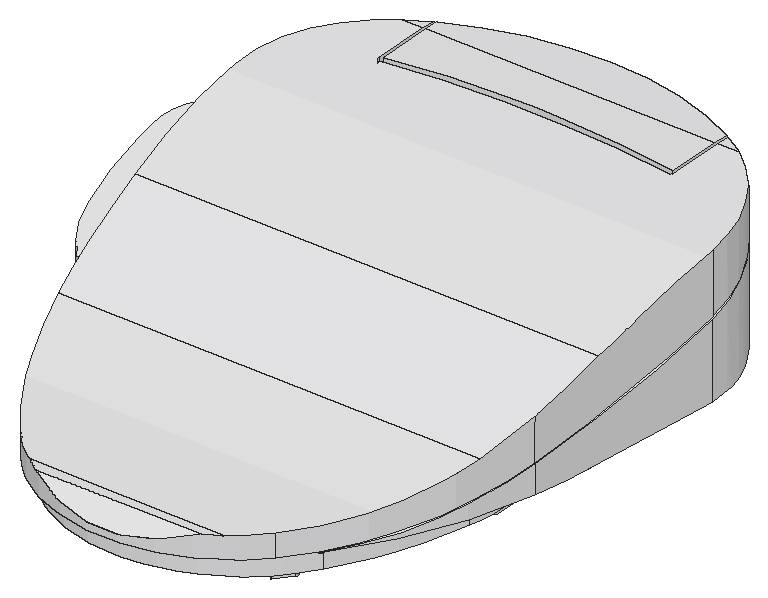
Revit family "Bidet_Seat-Elongated_Closed_Front-KOHLER-C3-150-K-8297T", category Specialty Equipment, host Face, Revit 2017
Family settings
  Host = Face
  Round Connector Dimension = Use Diameter
  Part Type = Normal
  OmniClass Number = 23.31.25.00
  OmniClass Title = Toilet and Bath Specialties
  Cut with Voids When Loaded = No
  Shared = No
  Room Calculation Point = No
Parameters (values of type "0-White")
  Width = 17 163/256"  # constant formula
  WaterSense Certified = 1 = 0  # no
  Voltage = 220 V  # constant formula
  URL = "http://www.kohler.com.cn/"
  Type = 1
  Product Page URL = "https://www.kohler.com.cn/product/K-8297T-0/K-8297T-0/"
  Product Name = "C3-150"  # constant formula
  Product Documentation Link = "https://files.kohler.com.cn/pdfs/1522222665445_8297T18649T_cct.pdf"
  Model = "K-8297T-0"  # constant formula
  Material = "Plastic"  # constant formula
  Master Format 2014 Name = "Toilet, Bath, and Laundry Accessories"  # constant formula
  Master Format 2014 = "10 28 00"  # constant formula
  Manufacturer Address = "Kohler Beijing Office (100016)\n36-2-03-B, No. 88, Liuxiang Road, Beijing"  # constant formula
  Manufacturer = "KOHLER Co."  # constant formula
  Length = 20 171/256"  # constant formula
  Height = 5 191/256"  # constant formula
  Finish = Kohler-Plastic-0-White
  Environmental Product Declaration = ""
  Electrical Note = "one dedicated circuit required"  # constant formula
  Electrical Connector = 1 = 1  # yes
  Description = "Qingshubao Smart Toilet Cover\r\n"  # constant formula
  Default Elevation = 0"
  Declare Label = ""
  Date Modified = "12/30/2020"  # constant formula
  Date Created = "12/30/2020"  # constant formula
  Copyright = "Copyright KOHLER Co."  # constant formula
  Contact Us = "http://www.kohler.com.cn/contact/contact-us/"
  Assembly Code = "C1030200"
  Apparent Load = 2200 VA  # constant formula
  ADA Compliant = 1 = 0  # no
Reference planes (in)
  plane 1 "Center (Front/Back)": y = 0
  plane 2: z = 0
  plane 3 "Center (Left/Right)": x = 0
  plane 4: x = -9.88135
  plane 5: x = 7.75537
  plane 6: x = -7.75537
  plane 7: y = 10.33398
  plane 8: y = -10.33398
  plane 9: z = 5.74609
  plane 10: z = 0.62992
  plane 11: z = 1.69291
  plane 12: z = 0.27559
  plane 13: y = -1.55578
Dimensions and locks (in)
  "Width": plane 4 to plane 5
  "Length": plane 8 to plane 7
  equal spacing: plane 8, plane 1 "Center (Front/Back)", plane 7
  equal spacing: plane 6, plane 3 "Center (Left/Right)", plane 5
  locked: plane 4 to plane 6 at 2.12598
  plane 6 to plane 5 = 15.51073"
  locked: level to plane 11 at 1.69291
  locked: plane 12 to level at 0.27559
  locked: plane 10 to level at 0.62992
  "Height": level to plane 9
  locked: plane 13 to plane 7 at 11.88976
  aligned and locked: plane 2 to host face
  aligned and locked: level to host face
  aligned and locked: plane 3 "Center (Left/Right)" to nested 1
  aligned and locked: plane 1 "Center (Front/Back)" to nested 1
Automatic sketch dimensions
  host sketch curve to host sketch curve = 96"  (x2)
Nested families (in)
  nested 1: "K-8297T" at (0, 0, 0), type "K-8297T"
Connectors (in)
  electrical at (-7.93562, 1.95609, 1.95144), driven by "Electrical Connector", driven by "Voltage", driven by "Apparent Load", driven by "Electrical Connector", driven by "Electrical Note"
    settings: on nested 1, index 1, voltage 220 V, apparent load 2200 VA, apparent load phase1 0 VA, apparent load phase2 0 VA, apparent load phase3 0 VA, power factor 1, load classification "Other", number of poles 1, system type 30, power factor state 1, is connector primary yes, connector utility yes, sub classification motor yes, connector description "one dedicated circuit required"
Definition of nested family "K-8297T"
  Parameters (values of type "K-8297KR")
    Material = none
  Reference planes (in)
    plane 1 "Center (Front/Back)": y = 0
    plane 2: z = 0
    plane 3 "Center (Left/Right)": x = 0
    plane 4: x = 7.75591
    plane 5: x = -7.75591
    plane 6: y = 10.33465
    plane 7: y = -10.33465
    plane 8: x = -9.88189
    plane 9: z = 5.74803
    plane 10: z = 0.62992
    plane 11: z = 1.69291
    plane 12: z = 0.27559
    plane 13: y = -1.55512
  Forms (in)
    Extrusion 1, solid, material <- "Material", detail levels medium+fine
      sketch origin (0, 0, 0) x (1, 0, 0) y (0, 1, 0)
        loop
          arc (-4.1611, -8.43538) -> (0, -10.33465) -> (4.1611, -8.43538) r 5.50792
          arc (4.1611, -8.43538) -> (6.1734, -5.32654) -> (7.24698, -1.78229) r 13.25333
          arc (7.24698, -1.78229) -> (7.62848, 1.50716) -> (7.75591, 4.8162) r 43.03057
          spline (7.75591, 4.8162) -> (7.49156, 6.24503) -> (6.71674, 7.57536) -> (5.4842, 8.7181) -> (3.87777, 9.59517) -> (2.00733, 10.14659) -> (0, 10.33458) -> (-2.00732, 10.14656) -> (-3.87784, 9.5953) -> (-5.4841, 8.71838) -> (-6.71664, 7.57556) -> (-7.49152, 6.24469) -> (-7.75591, 4.8162)
          arc (-7.75591, 4.8162) -> (-7.62848, 1.50716) -> (-7.24698, -1.78229) r 43.03057
          arc (-7.24698, -1.78229) -> (-6.1734, -5.32654) -> (-4.1611, -8.43538) r 13.25333
      from 0.99806 to 5.74803
    Extrusion 2, void
      sketch origin (0, 0, 0) x (0, 1, 0) y (0, 0, 1)
        loop
          line (-11.37271, 1.69291) -> (-9.30912, 1.69291)
          arc (-9.30912, 1.69291) -> (-6.36286, 1.93848) -> (-3.49791, 2.66839) r 17.79727
          arc (-3.49791, 2.66839) -> (-1.4993, 3.38653) -> (0.481, 4.15373) r 86.12169
          arc (0.481, 4.15373) -> (4.52798, 5.3458) -> (8.72765, 5.74803) r 22.1254
          line (8.72765, 5.74803) -> (12.24934, 5.74803) -> (12.24934, 7.16535) -> (-11.37271, 7.16535) -> (-11.37271, 1.69291)
      from -13.23151 to 11.10812
    Extrusion 3, void
      sketch origin (0, 0, 0) x (1, 0, 0) y (0, 1, 0)
        loop
          line (-4.79232, 9.63353) -> (-4.79232, 6.91421)
          arc (-4.79232, 6.91421) -> (-4.76926, 6.85853) -> (-4.71358, 6.83547) r 0.07874
          arc (-4.71358, 6.83547) -> (0, 7.15272) -> (4.71358, 6.83547) r 35.17403
          arc (4.71358, 6.83547) -> (4.76926, 6.85853) -> (4.79232, 6.91421) r 0.07874
          line (4.79232, 6.91421) -> (4.79232, 9.63353) -> (4.70977, 9.63353) -> (4.70977, 7.01709)
          arc (4.70977, 7.01709) -> (0, 7.35332) -> (-4.70977, 7.01709) r 33.154
          line (-4.70977, 7.01709) -> (-4.70977, 9.63353) -> (-4.79232, 9.63353)
      from 5.11346 to 8.77571
    Extrusion 4, solid, material <- "Material", detail levels medium+fine
      sketch origin (0, 0, 0) x (1, 0, 0) y (0, 1, 0)
        loop
          arc (-4.42629, -7.54412) -> (0.23535, -9.84584) -> (4.68689, -7.16021) r 5.41467
          arc (4.68689, -7.16021) -> (5.70383, -5.3598) -> (6.47059, -3.43946) r 15.41096
          arc (6.47059, -3.43946) -> (0, 5.45337) -> (-6.47059, -3.43946) r 6.80048
          arc (-6.47059, -3.43946) -> (-5.60196, -5.56825) -> (-4.42629, -7.54412) r 15.41096
        loop
          arc (-1.76588, -6.97058) -> (0.00015, -7.8686) -> (1.76619, -6.97058) r 2.18553
          arc (1.76619, -6.97058) -> (3.41428, -3.82058) -> (4.07249, -0.32695) r 12.06174
          arc (4.07249, -0.32695) -> (0, 3.90463) -> (-4.07249, -0.32695) r 4.07548
          arc (-4.07249, -0.32695) -> (-3.41428, -3.82058) -> (-1.76588, -6.97058) r 12.06174
      from 0.27559 to 1.18946
    Extrusion 5, void
      sketch origin (0, 0, 0) x (0, 1, 0) y (0, 0, 1)
        loop
          line (-9.54724, 0.27559) -> (-9.54724, 0) -> (5.71458, 0) -> (5.71458, 0.99806) -> (-0.64333, 0.99806)
          arc (-0.64333, 0.99806) -> (-1.679, 0.81106) -> (-2.72027, 0.6583) r 31.91272
          arc (-2.72027, 0.6583) -> (-5.67278, 0.37137) -> (-8.63765, 0.27559) r 45.93796
          line (-8.63765, 0.27559) -> (-9.54724, 0.27559)
      from -9.84252 to 9.84252
    Extrusion 6, solid, material <- "Material", detail levels medium+fine
      sketch origin (0, 0, 0) x (1, 0, 0) y (0, 1, 0)
        loop
          line (-2.26156, 3.95799) -> (2.26156, 3.95799)
          arc (2.26156, 3.95799) -> (4.98122, 3.0196) -> (6.54353, 0.60376) r 4.41027
          arc (6.54353, 0.60376) -> (6.683, 0.3881) -> (6.92578, 0.30433) r 0.3937
          line (6.92578, 0.30433) -> (7.13441, 0.30433)
          arc (7.13441, 0.30433) -> (7.22308, 0.34106) -> (7.25981, 0.42973) r 0.12539
          line (7.25981, 0.42973) -> (7.25981, 1.82959)
          arc (7.25981, 1.82959) -> (0, 9.0894) -> (-7.25981, 1.82959) r 7.25981
          line (-7.25981, 1.82959) -> (-7.25981, 0.42973)
          arc (-7.25981, 0.42973) -> (-7.22308, 0.34106) -> (-7.13441, 0.30433) r 0.12539
          line (-7.13441, 0.30433) -> (-6.92578, 0.30433)
          arc (-6.92578, 0.30433) -> (-6.683, 0.3881) -> (-6.54353, 0.60376) r 0.3937
          arc (-6.54353, 0.60376) -> (-4.98122, 3.0196) -> (-2.26156, 3.95799) r 4.41027
      from 0.62992 to 1.18946
    Sweep 7, void
      path in 3D
        loop
          line (7.25981, 0.05794, 0.62992) -> (7.25981, 1.82959, 0.62992)
          arc (7.25981, 1.82959, 0.62992) -> (0, 9.0894, 0.62992) -> (-7.25981, 1.82959, 0.62992) r 7.25981
          line (-7.25981, 1.82959, 0.62992) -> (-7.25981, -0.2184, 0.62992)
      profile origin (0, 9.0894, 0.62992) x (0, 1, 0) y (0, 0, -1)
        loop
          line (0, 0) -> (-0.41994, 0) -> (0, -0.16615) -> (0, 0)
    Extrusion 8, void
      sketch origin (0, 0, 0) x (0, 1, 0) y (0, 0, 1)
        loop
          arc (9.15501, 5.11346) -> (9.01421, 4.69705) -> (8.64962, 4.45153) r 0.68617
          arc (8.64962, 4.45153) -> (2.52282, 2.89184) -> (-3.65438, 1.54552) r 182.31005
          arc (-3.65438, 1.54552) -> (-6.29738, 1.14613) -> (-8.96628, 0.99806) r 28.28005
          line (-8.96628, 0.99806) -> (-8.96628, 0.95239)
          arc (-8.96628, 0.95239) -> (-6.29289, 1.10068) -> (-3.64543, 1.50074) r 28.32572
          arc (-3.64543, 1.50074) -> (2.53331, 2.84739) -> (8.66165, 4.40747) r 182.35572
          arc (8.66165, 4.40747) -> (9.0504, 4.66942) -> (9.20053, 5.11346) r 0.7317
          line (9.20053, 5.11346) -> (9.15501, 5.11346)
      from -10.51441 to 9.84252
    Extrusion 9, solid, material <- "Material", detail levels medium+fine
      sketch origin (0, 0, 0) x (1, 0, 0) y (0, 1, 0)
        loop
          line (-3.58717, -7.94985) -> (-2.82128, -6.83302)
          arc (-2.82128, -6.83302) -> (-2.8006, -6.76373) -> (-2.82418, -6.69538) r 0.11811
          line (-2.82418, -6.69538) -> (-3.04006, -6.40739)
          arc (-3.04006, -6.40739) -> (-3.09953, -6.37596) -> (-3.16158, -6.40193) r 0.07874
          line (-3.16158, -6.40193) -> (-4.03487, -7.37183)
          arc (-4.03487, -7.37183) -> (-4.05507, -7.42245) -> (-4.03755, -7.47407) r 0.07874
          line (-4.03755, -7.47407) -> (-3.65023, -7.95236)
          arc (-3.65023, -7.95236) -> (-3.61807, -7.96692) -> (-3.58717, -7.94985) r 0.03937
        loop
          arc (3.58717, -7.94985) -> (3.61807, -7.96692) -> (3.65023, -7.95236) r 0.03937
          line (3.65023, -7.95236) -> (4.03755, -7.47407)
          arc (4.03755, -7.47407) -> (4.05507, -7.42245) -> (4.03487, -7.37183) r 0.07874
          line (4.03487, -7.37183) -> (3.16158, -6.40193)
          arc (3.16158, -6.40193) -> (3.09953, -6.37596) -> (3.04006, -6.40739) r 0.07874
          line (3.04006, -6.40739) -> (2.82418, -6.69538)
          arc (2.82418, -6.69538) -> (2.8006, -6.76373) -> (2.82128, -6.83302) r 0.11811
          line (2.82128, -6.83302) -> (3.58717, -7.94985)
      from 0 to 1.18946
    Extrusion 10, solid, material <- "Material", detail levels medium+fine
      sketch origin (0, 0, 0) x (0, 1, 0) y (0, 0, 1)
        loop
          arc (-0.13671, 0.47796) -> (-0.03555, 0.52194) -> (0.01193, 0.6215) r 0.15748
          line (0.01193, 0.6215) -> (0.07713, 1.36678) -> (-3.14566, 0.94424) -> (-2.39361, 0.43869)
          arc (-2.39361, 0.43869) -> (-2.27889, 0.38597) -> (-2.15337, 0.37227) r 0.3937
          line (-2.15337, 0.37227) -> (-0.13671, 0.47796)
      from 4.56709 to 6.44496
    Extrusion 11, solid, material <- "Material", detail levels medium+fine
      sketch origin (0, 0, 0) x (0, 1, 0) y (0, 0, -1)
        loop
          line (-0.13671, -0.47796) -> (-2.15337, -0.37227)
          arc (-2.15337, -0.37227) -> (-2.27889, -0.38597) -> (-2.39361, -0.43869) r 0.3937
          line (-2.39361, -0.43869) -> (-3.14566, -0.94424) -> (0.07713, -1.36678) -> (0.01193, -0.6215)
          arc (0.01193, -0.6215) -> (-0.03555, -0.52194) -> (-0.13671, -0.47796) r 0.15748
      from 4.56709 to 6.44496
    Extrusion 12, solid, material <- "Material", detail levels medium+fine
      sketch origin (0, 0, 0) x (0, 1, 0) y (0, 0, 1)
        loop
          line (6.52211, 3.87117) -> (-1.53424, 1.6399)
          arc (-1.53424, 1.6399) -> (-1.54931, 1.62969) -> (-1.55512, 1.61245) r 0.02848
          line (-1.55512, 1.61245) -> (-1.55512, 1.52381)
          arc (-1.55512, 1.52381) -> (-1.5458, 1.50501) -> (-1.52519, 1.50105) r 0.02362
          line (-1.52519, 1.50105) -> (-1.48906, 1.51105) -> (-1.44456, 1.08759)
          arc (-1.44456, 1.08759) -> (-1.40488, 1.02156) -> (-1.3288, 1.00951) r 0.09113
          line (-1.3288, 1.00951) -> (6.06415, 3.1294)
          arc (6.06415, 3.1294) -> (6.28502, 3.26742) -> (6.39919, 3.5015) r 0.47244
          line (6.39919, 3.5015) -> (6.42444, 3.64474) -> (6.51892, 3.67183) -> (6.54966, 3.84613)
          arc (6.54966, 3.84613) -> (6.54278, 3.86625) -> (6.52211, 3.87117) r 0.02201
      from -10.56348 to -5.551
    Extrusion 13, void
      sketch origin (0, 0, 0) x (1, 0, 0) y (0, 1, 0)
        loop
          line (-6.89276, 6.78489) -> (-11.02662, 6.78489) -> (-11.02662, -1.55512) -> (-7.28161, -1.55512)
          arc (-7.28161, -1.55512) -> (-7.88353, -1.19172) -> (-8.43903, -0.76068) r 6.02524
          arc (-8.43903, -0.76068) -> (-9.12918, 0.05124) -> (-9.5525, 1.02914) r 3.61343
          arc (-9.5525, 1.02914) -> (-9.79919, 2.27548) -> (-9.88189, 3.54331) r 9.75979
          line (-9.88189, 3.54331) -> (-9.88189, 4.09677)
          arc (-9.88189, 4.09677) -> (-9.65858, 4.93018) -> (-9.04848, 5.54028) r 1.66682
          line (-9.04848, 5.54028) -> (-6.89276, 6.78489)
      from 0 to 9.84252
    Extrusion 14, void
      sketch origin (0, 0, 0) x (0, 1, 0) y (0, 0, 1)
        loop
          line (-10.62905, 0.99806) -> (-9.51134, 1.78069) -> (-10.67533, 1.78069) -> (-10.67533, 0.99806) -> (-10.62905, 0.99806)
      from -3.93701 to 3.93701
    Extrusion 15, solid, material <- "Material", detail levels medium+fine
      sketch origin (0, 0, 0) x (0, 1, 0) y (0, 0, 1)
        loop
          line (5.84261, 0.62992) -> (4.05957, 0.62992) -> (4.05957, 0.22551) -> (4.01967, 0.22551) -> (4.01967, 0.14855) -> (4.27872, 0.04911)
          arc (4.27872, 0.04911) -> (4.34807, 0.02955) -> (4.41981, 0.02296) r 0.3937
          line (4.41981, 0.02296) -> (4.57874, 0.02296)
          arc (4.57874, 0.02296) -> (4.61548, 0.02882) -> (4.64858, 0.04582) r 0.11811
          line (4.64858, 0.04582) -> (4.83377, 0.18161)
          arc (4.83377, 0.18161) -> (4.85584, 0.19294) -> (4.88033, 0.19685) r 0.07874
          line (4.88033, 0.19685) -> (5.24585, 0.19685)
          arc (5.24585, 0.19685) -> (5.31229, 0.2084) -> (5.37094, 0.24171) r 0.19685
          line (5.37094, 0.24171) -> (5.84261, 0.62992)
      from -0.62921 to 0.55744
    Extrusion 16, solid, material <- "Material", detail levels coarse
      sketch origin (0, 0, 0) x (1, 0, 0) y (0, 1, 0)
        loop
          arc (-4.1611, -8.43538) -> (0, -10.33465) -> (4.1611, -8.43538) r 5.50792
          arc (4.1611, -8.43538) -> (6.1734, -5.32654) -> (7.24698, -1.78229) r 13.25333
          arc (7.24698, -1.78229) -> (7.62848, 1.50716) -> (7.75591, 4.8162) r 43.03057
          spline (7.75591, 4.8162) -> (7.49156, 6.24503) -> (6.71674, 7.57536) -> (5.4842, 8.7181) -> (3.87777, 9.59517) -> (2.00733, 10.14659) -> (0, 10.33458) -> (-2.00732, 10.14656) -> (-3.87784, 9.5953) -> (-5.4841, 8.71838) -> (-6.71664, 7.57556) -> (-7.49152, 6.24469) -> (-7.75591, 4.8162)
          arc (-7.75591, 4.8162) -> (-7.62848, 1.50716) -> (-7.24698, -1.78229) r 43.03057
          arc (-7.24698, -1.78229) -> (-6.1734, -5.32654) -> (-4.1611, -8.43538) r 13.25333
      from 0.02296 to 5.74803
    Extrusion 17, void
      sketch origin (0, 0, 0) x (0, 1, 0) y (0, 0, 1)
        loop
          line (-11.61776, 1.34062) -> (9.95329, 6.85243) -> (-11.61776, 6.85243) -> (-11.61776, 1.34062)
      from -11.84352 to 9.84252
    Extrusion 18, solid, material <- "Material", detail levels coarse
      sketch origin (0, 0, 0) x (0, 1, 0) y (0, 0, 1)
        loop
          line (-1.48506, 0.9647) -> (6.68385, 3.3071) -> (6.52211, 3.87117) -> (-1.66224, 1.60445) -> (-1.48506, 0.9647)
      from -9.88189 to -4.79232
  Cuts and joins
    Extrusion 2, Extrusion 3, Extrusion 5, Extrusion 8, Extrusion 14 cuts Extrusion 1
    Sweep 7 cuts Extrusion 6
    joined: Extrusion 1, Extrusion 6, Extrusion 10, Extrusion 11, Extrusion 15
    Extrusion 5 cuts Extrusion 4
    Extrusion 13 cuts Extrusion 12
    joined: Extrusion 4, Extrusion 9, Extrusion 12
    Extrusion 17 cuts Extrusion 16
    joined: Extrusion 16, Extrusion 18
  Lines and regions (in)
    Masking region 1
      outline origin (0, 0, 0) x (1, 0, 0) y (0, 1, 0)
        loop
          arc (-4.1611, -8.43538) -> (0, -10.33465) -> (4.1611, -8.43538) r 5.50792
          arc (4.1611, -8.43538) -> (6.1734, -5.32654) -> (7.24698, -1.78229) r 13.25333
          arc (7.24698, -1.78229) -> (7.62848, 1.50716) -> (7.75591, 4.8162) r 43.03057
          spline (7.75591, 4.8162) -> (7.54099, 6.10628) -> (6.90817, 7.32486) -> (5.89251, 8.40441) -> (4.55029, 9.28512) -> (2.95589, 9.91815) -> (1.19769, 10.26845) -> (-0.62689, 10.31659) -> (-2.41672, 10.05991) -> (-4.07263, 9.51262) -> (-5.50283, 8.70507) -> (-6.62808, 7.682) -> (-7.386, 6.50011)
          line (-7.386, 6.50011) -> (-9.04848, 5.54028)
          arc (-9.04848, 5.54028) -> (-9.65858, 4.93018) -> (-9.88189, 4.09677) r 1.66682
          line (-9.88189, 4.09677) -> (-9.88189, 3.54331)
          arc (-9.88189, 3.54331) -> (-9.79919, 2.27548) -> (-9.5525, 1.02914) r 9.75979
          arc (-9.5525, 1.02914) -> (-9.12918, 0.05124) -> (-8.43903, -0.76068) r 3.61343
          arc (-8.43903, -0.76068) -> (-7.88284, -1.1922) -> (-7.28011, -1.55591) r 6.02524
          arc (-7.28011, -1.55591) -> (-6.22109, -5.22255) -> (-4.1611, -8.43538) r 13.25333
    Masking region 2
      outline origin (0, 0, 0) x (1, 0, 0) y (0, 0, 1)
        loop
          line (-9.88189, 3.19396) -> (-9.88189, 2.40656)
          spline (-9.88189, 2.40656) -> (-9.87959, 2.34549) -> (-9.87263, 2.28445) -> (-9.86101, 2.22346) -> (-9.84475, 2.16255) -> (-9.82384, 2.10175) -> (-9.7983, 2.04108) -> (-9.76814, 1.98058) -> (-9.73338, 1.92026) -> (-9.69402, 1.86016) -> (-9.65008, 1.8003) -> (-9.60159, 1.74071) -> (-9.54849, 1.68147)
          spline (-9.54849, 1.68147) -> (-9.49962, 1.6339) -> (-9.44263, 1.58701) -> (-9.37764, 1.54093) -> (-9.3048, 1.49574) -> (-9.22427, 1.45156) -> (-9.13623, 1.40848) -> (-9.04089, 1.36659) -> (-8.93845, 1.326) -> (-8.82914, 1.2868) -> (-8.71321, 1.24906) -> (-8.59093, 1.21289) -> (-8.46256, 1.17835)
          spline (-8.46256, 1.17835) -> (-8.39612, 1.16176) -> (-8.32878, 1.14544) -> (-8.26058, 1.1294) -> (-8.19153, 1.11364) -> (-8.12163, 1.09817) -> (-8.05091, 1.08298) -> (-7.97938, 1.06808) -> (-7.90705, 1.05348) -> (-7.83395, 1.03917) -> (-7.76009, 1.02516) -> (-7.68548, 1.01146) -> (-7.61015, 0.99806)
          line (-7.61015, 0.99806) -> (-7.25981, 0.99806) -> (-7.25981, 0.79607) -> (-6.83987, 0.62992) -> (-6.60825, 0.62992) -> (-6.44496, 0.56532) -> (-6.44496, 0.37173) -> (-5.52128, 0.37173)
          arc (-5.52128, 0.37173) -> (-4.78929, 0.30688) -> (-4.05509, 0.27587) r 15.92391
          line (-4.05509, 0.27587) -> (-4.05509, 0) -> (-2.80057, 0) -> (-2.80057, 0.27559) -> (-0.62921, 0.27559) -> (-0.62921, 0.02296) -> (0.55744, 0.02296) -> (0.55744, 0.27559) -> (2.80057, 0.27559) -> (2.80057, 0) -> (4.05509, 0) -> (4.05509, 0.27587)
          arc (4.05509, 0.27587) -> (4.78929, 0.30688) -> (5.52128, 0.37173) r 15.92391
          line (5.52128, 0.37173) -> (6.44496, 0.37173) -> (6.44496, 0.56532) -> (6.60825, 0.62992) -> (6.83987, 0.62992) -> (7.25981, 0.79607) -> (7.25981, 0.99806)
          arc (7.25981, 0.99806) -> (7.6106, 1.14337) -> (7.75591, 1.49416) r 0.4961
          line (7.75591, 1.49416) -> (7.75591, 5.39954)
          spline (7.75591, 5.39954) -> (7.73615, 5.46586) -> (7.67937, 5.52425) -> (7.58528, 5.57513) -> (7.45575, 5.61849) -> (7.29327, 5.65437) -> (7.10076, 5.68327) -> (6.88117, 5.70585) -> (6.63719, 5.72279) -> (6.37156, 5.73479) -> (6.08741, 5.74255) -> (5.78725, 5.74676) -> (5.47074, 5.74803)
          line (5.47074, 5.74803) -> (-5.47104, 5.74803)
          spline (-5.47104, 5.74803) -> (-5.78753, 5.74676) -> (-6.08765, 5.74255) -> (-6.37175, 5.73479) -> (-6.63732, 5.72279) -> (-6.8812, 5.70585) -> (-7.10069, 5.68326) -> (-7.29315, 5.65436) -> (-7.45562, 5.61848) -> (-7.5852, 5.57512) -> (-7.67935, 5.52424) -> (-7.73616, 5.46585) -> (-7.75591, 5.39954)
          line (-7.75591, 5.39954) -> (-7.75591, 3.80593) -> (-9.07967, 3.59426)
          spline (-9.07967, 3.59426) -> (-9.19936, 3.57182) -> (-9.31158, 3.54678) -> (-9.41554, 3.51931) -> (-9.51049, 3.48962) -> (-9.59579, 3.4579) -> (-9.67081, 3.42439) -> (-9.73504, 3.38931) -> (-9.78801, 3.35293) -> (-9.82937, 3.31548) -> (-9.85881, 3.27724) -> (-9.87613, 3.23847) -> (-9.88121, 3.19945)
    Masking region 3
      outline origin (0, 0, 0) x (0, 1, 0) y (0, 0, 1)
        loop
          line (10.33465, 0.99806) -> (10.33465, 5.13131) -> (9.71792, 5.74803) -> (8.72765, 5.74803)
          arc (8.72765, 5.74803) -> (4.52798, 5.3458) -> (0.481, 4.15373) r 22.1254
          arc (0.481, 4.15373) -> (-1.4993, 3.38653) -> (-3.49791, 2.66839) r 86.12169
          arc (-3.49791, 2.66839) -> (-6.36286, 1.93848) -> (-9.30912, 1.69291) r 17.79727
          line (-9.30912, 1.69291) -> (-9.5444, 1.69291)
          arc (-9.5444, 1.69291) -> (-9.59175, 1.68562) -> (-9.63472, 1.66443) r 0.15748
          line (-9.63472, 1.66443) -> (-10.21481, 1.25825)
          arc (-10.21481, 1.25825) -> (-10.27323, 1.19394) -> (-10.29827, 1.11073) r 0.19685
          line (-10.29827, 1.11073) -> (-10.33465, 0.59055) -> (-9.85064, 0.59055) -> (-9.85064, 0.35433)
          arc (-9.85064, 0.35433) -> (-9.82758, 0.29865) -> (-9.7719, 0.27559) r 0.07874
          line (-9.7719, 0.27559) -> (-8.63765, 0.27559)
          arc (-8.63765, 0.27559) -> (-8.3033, 0.27681) -> (-7.96897, 0.28046) r 45.93796
          line (-7.96897, 0.28046) -> (-7.77259, 0) -> (-6.45833, 0) -> (-6.37573, 0.33131)
          arc (-6.37573, 0.33131) -> (-4.54473, 0.45829) -> (-2.72027, 0.6583) r 45.93796
          line (-2.72027, 0.6583) -> (-2.49401, 0.5062)
          arc (-2.49401, 0.5062) -> (-2.28434, 0.4065) -> (-2.05472, 0.37227) r 0.7874
          line (-2.05472, 0.37227) -> (-0.00987, 0.37227) -> (0.05773, 1.14497)
          arc (0.05773, 1.14497) -> (3.11114, 1.98523) -> (6.06415, 3.1294) r 31.33592
          arc (6.06415, 3.1294) -> (3.31449, 1.89212) -> (0.42643, 1.02575) r 22.9642
          arc (0.42643, 1.02575) -> (0.33859, 0.97043) -> (0.30433, 0.87243) r 0.15731
          line (0.30433, 0.87243) -> (0.30433, 0.62992) -> (4.05957, 0.62992) -> (4.05957, 0.22551) -> (4.01967, 0.22551) -> (4.01967, 0.14855) -> (4.27872, 0.04911)
          arc (4.27872, 0.04911) -> (4.34807, 0.02955) -> (4.41981, 0.02296) r 0.3937
          line (4.41981, 0.02296) -> (4.57874, 0.02296)
          arc (4.57874, 0.02296) -> (4.61548, 0.02882) -> (4.64858, 0.04582) r 0.11811
          line (4.64858, 0.04582) -> (4.83377, 0.18161)
          arc (4.83377, 0.18161) -> (4.85584, 0.19294) -> (4.88033, 0.19685) r 0.07874
          line (4.88033, 0.19685) -> (5.24585, 0.19685)
          arc (5.24585, 0.19685) -> (5.31229, 0.2084) -> (5.37094, 0.24171) r 0.19685
          line (5.37094, 0.24171) -> (5.84261, 0.62992) -> (8.66946, 0.62992) -> (9.0894, 0.79607) -> (9.0894, 0.99806)
          arc (9.0894, 0.99806) -> (9.25066, 1.15932) -> (9.41192, 0.99806) r 0.16126
          line (9.41192, 0.99806) -> (10.33465, 0.99806)
    sketch lines
      curve 1: arc (7.25981, 1.82959, 0.62992) -> (0, 9.0894, 0.62992) -> (-7.25981, 1.82959, 0.62992) r 7.25981
      curve 2: line (-7.25981, -0.2184, 0.62992) -> (-7.25981, 1.82959, 0.62992)
      curve 3: line (7.25981, 1.82959, 0.62992) -> (7.25981, 0.05794, 0.62992)
    symbolic lines, detail levels medium+fine
      curve 4: arc (-7.75591, 4.8162, 0) -> (-7.62848, 1.50716, 0) -> (-7.24698, -1.78229, 0) r 43.03057
      curve 5: line (7.75591, 4.8162, 0) -> (-7.75591, 4.8162, 0)
      curve 6: line (-4.79232, 9.15501, 0) -> (-4.79232, 6.91421, 0)
      curve 7: line (-4.70977, 7.01709, 0) -> (-4.70977, 9.20053, 0)
      curve 8: arc (4.70977, 7.01709, 0) -> (0, 7.35332, 0) -> (-4.70977, 7.01709, 0) r 33.154
      curve 9: arc (-4.79232, 6.91421, 0) -> (-4.76926, 6.85853, 0) -> (-4.71358, 6.83547, 0) r 0.07874
      curve 10: line (4.79232, 6.91421, 0) -> (4.79232, 9.1548, 0)
      curve 11: line (4.70977, 9.20032, 0) -> (4.70977, 7.01709, 0)
      curve 12: arc (-4.71358, 6.83547, 0) -> (0, 7.15272, 0) -> (4.71358, 6.83547, 0) r 35.17403
      curve 13: arc (4.71358, 6.83547, 0) -> (4.76926, 6.85853, 0) -> (4.79232, 6.91421, 0) r 0.07874
      curve 14: arc (-4.70977, 9.07348, 0) -> (-2.62006, 9.90798, 0) -> (-0.39625, 10.25139, 0) r 9.94597
      curve 15: arc (-4.70977, 8.91072, 0) -> (0, 9.99975, 0) -> (4.70977, 8.91072, 0) r 10.72881
      curve 16: line (-7.50699, 6.20296, 0) -> (-8.95006, 5.3698, 0)
      curve 17: arc (-8.95006, 5.3698, 0) -> (-9.4881, 4.83176, 0) -> (-9.68504, 4.09677, 0) r 1.46997
      curve 18: line (-9.68504, 4.09677, 0) -> (-9.68504, 3.54331, 0)
      curve 19: arc (-9.68504, 3.54331, 0) -> (-9.60401, 2.30105, 0) -> (-9.3623, 1.07985, 0) r 9.56294
      curve 20: arc (-9.3623, 1.07985, 0) -> (-8.618, -0.30605, 0) -> (-7.33163, -1.21155, 0) r 3.41658
      curve 21: arc (-7.67717, 4.8162, 0) -> (-7.54998, 1.51321, 0) -> (-7.16917, -1.77021, 0) r 42.95183
      curve 22: arc (-7.16917, -1.77021, 0) -> (-6.10197, -5.29341, 0) -> (-4.10162, -8.38379, 0) r 13.17459
      curve 23: arc (-4.10162, -8.38379, 0) -> (0, -10.25591, 0) -> (4.10162, -8.38379, 0) r 5.42918
      curve 24: arc (4.10162, -8.38379, 0) -> (6.10197, -5.29341, 0) -> (7.16917, -1.77021, 0) r 13.17459
      curve 25: arc (7.16917, -1.77021, 0) -> (7.54998, 1.51321, 0) -> (7.67717, 4.8162, 0) r 42.95183
      curve 26: arc (-3.89047, -8.09047, 0) -> (-1.01817, -9.55198, 0) -> (2.18146, -9.16657, 0) r 5.53722
      curve 27: arc (-5.19581, -6.2525, 0) -> (-4.62945, -7.23278, 0) -> (-3.89047, -8.09047, 0) r 6.05361
      curve 28: arc (-7.18953, 4.8162, 0) -> (-6.89381, -0.84444, 0) -> (-5.19581, -6.2525, 0) r 22.54978
      curve 29: arc (-4.79232, 8.26557, 0) -> (-6.46223, 6.86843, 0) -> (-7.18953, 4.8162, 0) r 4.12983
      curve 30: arc (5.19581, -6.2525, 0) -> (4.62945, -7.23278, 0) -> (3.89047, -8.09047, 0) r 6.05361
      curve 31: arc (7.18953, 4.8162, 0) -> (6.89381, -0.84444, 0) -> (5.19581, -6.2525, 0) r 22.54978
      curve 32: arc (4.79232, 8.26557, 0) -> (6.46223, 6.86843, 0) -> (7.18953, 4.8162, 0) r 4.12983
      curve 33: arc (2.18146, -9.16657, 0) -> (3.07553, -8.69135, 0) -> (3.89047, -8.09047, 0) r 6.90415
      curve 34: line (-0.39625, 10.33465, 0) -> (0.39115, 10.33465, 0)
      curve 35: line (-0.39625, 10.1378, 0) -> (-0.39625, 10.33465, 0)
      curve 36: line (0.39115, 10.1378, 0) -> (-0.39625, 10.1378, 0)
      curve 37: line (0.39115, 10.33465, 0) -> (0.39115, 10.1378, 0)
      curve 38: arc (0.39115, 10.25159, 0) -> (2.6176, 9.90865, 0) -> (4.70977, 9.07348, 0) r 9.94597
      curve 39: arc (-4.70977, 9.07348, 0) -> (-6.80803, 7.3732, 0) -> (-7.67717, 4.8162, 0) r 4.86816
      curve 40: arc (4.70977, 9.07348, 0) -> (6.80803, 7.3732, 0) -> (7.67717, 4.8162, 0) r 4.86816
      curve 41: spline (-7.53985, 0, 4.16523) -> (-7.57337, 0, 4.3011) -> (-7.6041, 0, 4.43111) -> (-7.63203, 0, 4.5552) -> (-7.65714, 0, 4.67334) -> (-7.67943, 0, 4.78548) -> (-7.6989, 0, 4.89159) -> (-7.71552, 0, 4.99163) -> (-7.72931, 0, 5.08556) -> (-7.74024, 0, 5.17335) -> (-7.74833, 0, 5.25498) -> (-7.75356, 0, 5.33041) -> (-7.75594, 0, 5.39961)
      curve 42: spline (-7.24685, 0, 3.28114) -> (-7.27611, 0, 3.35212) -> (-7.30449, 0, 3.42359) -> (-7.33199, 0, 3.49555) -> (-7.35862, 0, 3.56801) -> (-7.38436, 0, 3.64096) -> (-7.40922, 0, 3.7144) -> (-7.4332, 0, 3.78833) -> (-7.4563, 0, 3.86274) -> (-7.47851, 0, 3.93764) -> (-7.49984, 0, 4.01302) -> (-7.52029, 0, 4.08889) -> (-7.53985, 0, 4.16523)
      curve 43: spline (-6.86274, 0, 2.66839) -> (-6.90357, 0, 2.71746) -> (-6.94281, 0, 2.7669) -> (-6.98046, 0, 2.81672) -> (-7.0165, 0, 2.86692) -> (-7.05095, 0, 2.91748) -> (-7.08378, 0, 2.9684) -> (-7.11501, 0, 3.01967) -> (-7.14462, 0, 3.0713) -> (-7.17261, 0, 3.12326) -> (-7.19898, 0, 3.17556) -> (-7.22373, 0, 3.22819) -> (-7.24685, 0, 3.28114)
      curve 44: line (-4.10033, 0, 1.69291) -> (-6.86274, 0, 2.66839)
      curve 45: line (0, 0, 1.18946) -> (-4.59326, 0, 1.18946)
      curve 46: arc (-4.59326, 0, 1.18946) -> (-6.5367, 0, 1.8124) -> (-7.75586, 0, 3.44906) r 3.34303
      curve 47: spline (-7.75586, 0, 3.44906) -> (-7.75327, 0, 3.32942) -> (-7.74523, 0, 3.21111) -> (-7.73175, 0, 3.09415) -> (-7.71283, 0, 2.97855) -> (-7.68847, 0, 2.86432) -> (-7.65868, 0, 2.75149) -> (-7.62345, 0, 2.64006) -> (-7.5828, 0, 2.53006) -> (-7.53672, 0, 2.42149) -> (-7.48523, 0, 2.31437) -> (-7.42833, 0, 2.20871) -> (-7.36602, 0, 2.10452)
      curve 48: spline (-4.84825, 0, 0.99806) -> (-5.06209, 0, 1.01674) -> (-5.2674, 0, 1.03969) -> (-5.464, 0, 1.06691) -> (-5.6517, 0, 1.09837) -> (-5.83034, 0, 1.13403) -> (-5.99975, 0, 1.17387) -> (-6.15979, 0, 1.21785) -> (-6.31032, 0, 1.26594) -> (-6.45119, 0, 1.31808) -> (-6.58228, 0, 1.37423) -> (-6.70348, 0, 1.43435) -> (-6.81467, 0, 1.49837)
      curve 49: spline (-6.81467, 0, 1.49837) -> (-6.88562, 0, 1.54612) -> (-6.95208, 0, 1.59443) -> (-7.01404, 0, 1.64327) -> (-7.07147, 0, 1.69265) -> (-7.12436, 0, 1.74253) -> (-7.17269, 0, 1.79291) -> (-7.21644, 0, 1.84376) -> (-7.25559, 0, 1.89507) -> (-7.29014, 0, 1.94682) -> (-7.32007, 0, 1.99899) -> (-7.34536, 0, 2.05156) -> (-7.36602, 0, 2.10452)
      curve 50: spline (-7.24698, 0, 1.92988) -> (-7.2215, 0, 1.89661) -> (-7.1941, 0, 1.86356) -> (-7.16479, 0, 1.83072) -> (-7.13356, 0, 1.7981) -> (-7.10043, 0, 1.7657) -> (-7.0654, 0, 1.73353) -> (-7.02847, 0, 1.70159) -> (-6.98965, 0, 1.66988) -> (-6.94894, 0, 1.63842) -> (-6.90635, 0, 1.6072) -> (-6.86189, 0, 1.57623) -> (-6.81556, 0, 1.54552)
      curve 51: spline (-7.24867, 0, 1.88544) -> (-7.32977, 0, 2.00182) -> (-7.40384, 0, 2.12008) -> (-7.47086, 0, 2.24022) -> (-7.53084, 0, 2.3622) -> (-7.58376, 0, 2.48601) -> (-7.6296, 0, 2.61163) -> (-7.66837, 0, 2.73904) -> (-7.70005, 0, 2.86821) -> (-7.72465, 0, 2.99913) -> (-7.74215, 0, 3.13177) -> (-7.75255, 0, 3.26611) -> (-7.75586, 0, 3.40213)
      curve 52: line (-6.81556, 0, 1.54552) -> (-4.11517, 0, 0.99806)
      curve 53: line (-7.62265, 0, 0.99806) -> (7.25981, 0, 0.99806)
      curve 54: spline (-9.54874, 0, 2.34607) -> (-9.49986, 0, 2.30009) -> (-9.44286, 0, 2.25478) -> (-9.37787, 0, 2.21024) -> (-9.30503, 0, 2.16658) -> (-9.22451, 0, 2.12388) -> (-9.13649, 0, 2.08226) -> (-9.04116, 0, 2.0418) -> (-8.93875, 0, 2.00259) -> (-8.82949, 0, 1.96472) -> (-8.71361, 0, 1.92828) -> (-8.59138, 0, 1.89335) -> (-8.46309, 0, 1.86)
      curve 55: spline (-8.46309, 0, 1.86) -> (-8.37529, 0, 1.83892) -> (-8.28595, 0, 1.81829) -> (-8.19512, 0, 1.79814) -> (-8.10283, 0, 1.77847) -> (-8.00911, 0, 1.75928) -> (-7.914, 0, 1.74059) -> (-7.81754, 0, 1.7224) -> (-7.71976, 0, 1.70472) -> (-7.6207, 0, 1.68755) -> (-7.52039, 0, 1.6709) -> (-7.41888, 0, 1.65479) -> (-7.31621, 0, 1.6392)
      curve 56: spline (-9.88189, 0, 3.04617) -> (-9.87959, 0, 2.9872) -> (-9.87263, 0, 2.92826) -> (-9.86102, 0, 2.86937) -> (-9.84477, 0, 2.81056) -> (-9.82388, 0, 2.75185) -> (-9.79836, 0, 2.69327) -> (-9.76822, 0, 2.63485) -> (-9.73348, 0, 2.57662) -> (-9.69414, 0, 2.51859) -> (-9.65024, 0, 2.46079) -> (-9.60179, 0, 2.40326) -> (-9.5488, 0, 2.34601)
      curve 57: spline (-7.40359, 0, 1.51105) -> (-7.41037, 0, 1.47513) -> (-7.41712, 0, 1.4392) -> (-7.42386, 0, 1.40327) -> (-7.43057, 0, 1.36733) -> (-7.43727, 0, 1.3314) -> (-7.44395, 0, 1.29545) -> (-7.45061, 0, 1.25951) -> (-7.45725, 0, 1.22356) -> (-7.46387, 0, 1.18761) -> (-7.47047, 0, 1.15165) -> (-7.47705, 0, 1.11569) -> (-7.48362, 0, 1.07973)
      curve 58: line (-7.28161, 0, 1.61387) -> (-7.28161, 0, 1.5218)
      curve 59: spline (-7.31621, 0, 1.6392) -> (-7.3126, 0, 1.63891) -> (-7.30903, 0, 1.63824) -> (-7.30553, 0, 1.63722) -> (-7.30213, 0, 1.63583) -> (-7.29886, 0, 1.6341) -> (-7.29574, 0, 1.63204) -> (-7.2928, 0, 1.62967) -> (-7.29006, 0, 1.627) -> (-7.28756, 0, 1.62406) -> (-7.2853, 0, 1.62088) -> (-7.28331, 0, 1.61747) -> (-7.28161, 0, 1.61387)
      curve 60: spline (-7.32791, 0, 1.49958) -> (-7.33424, 0, 1.50053) -> (-7.34057, 0, 1.50147) -> (-7.34689, 0, 1.50242) -> (-7.35321, 0, 1.50337) -> (-7.35952, 0, 1.50433) -> (-7.36583, 0, 1.50528) -> (-7.37214, 0, 1.50624) -> (-7.37844, 0, 1.5072) -> (-7.38473, 0, 1.50816) -> (-7.39102, 0, 1.50912) -> (-7.39731, 0, 1.51008) -> (-7.40359, 0, 1.51105)
      curve 61: spline (-7.28161, 0, 1.5218) -> (-7.28449, 0, 1.51798) -> (-7.28765, 0, 1.51445) -> (-7.29105, 0, 1.51124) -> (-7.29467, 0, 1.50837) -> (-7.29848, 0, 1.50587) -> (-7.30245, 0, 1.50374) -> (-7.30655, 0, 1.50202) -> (-7.31075, 0, 1.50072) -> (-7.31502, 0, 1.49983) -> (-7.31932, 0, 1.49938) -> (-7.32362, 0, 1.49936) -> (-7.32788, 0, 1.49977)
      curve 62: spline (-7.48362, 0, 1.07973) -> (-7.49263, 0, 1.06828) -> (-7.5023, 0, 1.0576) -> (-7.51258, 0, 1.04776) -> (-7.52342, 0, 1.03881) -> (-7.53476, 0, 1.03079) -> (-7.54653, 0, 1.02375) -> (-7.55867, 0, 1.01773) -> (-7.57112, 0, 1.01276) -> (-7.58382, 0, 1.00887) -> (-7.59668, 0, 1.00607) -> (-7.60965, 0, 1.00439) -> (-7.62265, 0, 1.00382)
      curve 63: line (-3.71248, 0, 0.27559) -> (4.04016, 0, 0.27559)
      curve 64: line (-0.62921, 0, 0.14855) -> (0.55189, 0, 0.14855)
      curve 65: line (-0.62921, 0, 0.22551) -> (0.55189, 0, 0.22551)
      curve 66: spline (7.53985, 0, 4.16523) -> (7.57337, 0, 4.3011) -> (7.6041, 0, 4.43111) -> (7.63203, 0, 4.5552) -> (7.65714, 0, 4.67334) -> (7.67943, 0, 4.78548) -> (7.6989, 0, 4.89159) -> (7.71552, 0, 4.99163) -> (7.72931, 0, 5.08556) -> (7.74024, 0, 5.17335) -> (7.74833, 0, 5.25498) -> (7.75356, 0, 5.33041) -> (7.75594, 0, 5.39961)
      curve 67: spline (7.24685, 0, 3.28114) -> (7.27611, 0, 3.35212) -> (7.30449, 0, 3.42359) -> (7.33199, 0, 3.49555) -> (7.35862, 0, 3.56801) -> (7.38436, 0, 3.64096) -> (7.40922, 0, 3.7144) -> (7.4332, 0, 3.78833) -> (7.4563, 0, 3.86274) -> (7.47851, 0, 3.93764) -> (7.49984, 0, 4.01302) -> (7.52029, 0, 4.08889) -> (7.53985, 0, 4.16523)
      curve 68: spline (6.86274, 0, 2.66839) -> (6.90357, 0, 2.71746) -> (6.94281, 0, 2.7669) -> (6.98046, 0, 2.81672) -> (7.0165, 0, 2.86692) -> (7.05095, 0, 2.91748) -> (7.08378, 0, 2.9684) -> (7.11501, 0, 3.01967) -> (7.14462, 0, 3.0713) -> (7.17261, 0, 3.12326) -> (7.19898, 0, 3.17556) -> (7.22373, 0, 3.22819) -> (7.24685, 0, 3.28114)
      curve 69: line (4.10033, 0, 1.69291) -> (6.86274, 0, 2.66839)
      curve 70: line (0, 0, 1.18946) -> (4.59326, 0, 1.18946)
      curve 71: arc (4.59326, 0, 1.18946) -> (6.5367, 0, 1.8124) -> (7.75586, 0, 3.44906) r 3.34303
      curve 72: spline (7.75586, 0, 3.44906) -> (7.75327, 0, 3.32942) -> (7.74523, 0, 3.21111) -> (7.73175, 0, 3.09415) -> (7.71283, 0, 2.97855) -> (7.68847, 0, 2.86432) -> (7.65868, 0, 2.75149) -> (7.62345, 0, 2.64006) -> (7.5828, 0, 2.53006) -> (7.53672, 0, 2.42149) -> (7.48523, 0, 2.31437) -> (7.42833, 0, 2.20871) -> (7.36602, 0, 2.10452)
      curve 73: spline (4.84825, 0, 0.99806) -> (5.06209, 0, 1.01674) -> (5.2674, 0, 1.03969) -> (5.464, 0, 1.06691) -> (5.6517, 0, 1.09837) -> (5.83034, 0, 1.13403) -> (5.99975, 0, 1.17387) -> (6.15979, 0, 1.21785) -> (6.31032, 0, 1.26594) -> (6.45119, 0, 1.31808) -> (6.58228, 0, 1.37423) -> (6.70348, 0, 1.43435) -> (6.81467, 0, 1.49837)
      curve 74: spline (6.81467, 0, 1.49837) -> (6.88562, 0, 1.54612) -> (6.95208, 0, 1.59443) -> (7.01404, 0, 1.64327) -> (7.07147, 0, 1.69265) -> (7.12436, 0, 1.74253) -> (7.17269, 0, 1.79291) -> (7.21644, 0, 1.84376) -> (7.25559, 0, 1.89507) -> (7.29014, 0, 1.94682) -> (7.32007, 0, 1.99899) -> (7.34536, 0, 2.05156) -> (7.36602, 0, 2.10452)
      curve 75: spline (7.24698, 0, 1.92988) -> (7.2215, 0, 1.89661) -> (7.1941, 0, 1.86356) -> (7.16479, 0, 1.83072) -> (7.13356, 0, 1.7981) -> (7.10043, 0, 1.7657) -> (7.0654, 0, 1.73353) -> (7.02847, 0, 1.70159) -> (6.98965, 0, 1.66988) -> (6.94894, 0, 1.63842) -> (6.90635, 0, 1.6072) -> (6.86189, 0, 1.57623) -> (6.81556, 0, 1.54552)
      curve 76: spline (7.24867, 0, 1.88544) -> (7.32977, 0, 2.00182) -> (7.40384, 0, 2.12008) -> (7.47086, 0, 2.24022) -> (7.53084, 0, 2.3622) -> (7.58376, 0, 2.48601) -> (7.6296, 0, 2.61163) -> (7.66837, 0, 2.73904) -> (7.70005, 0, 2.86821) -> (7.72465, 0, 2.99913) -> (7.74215, 0, 3.13177) -> (7.75255, 0, 3.26611) -> (7.75586, 0, 3.40213)
      curve 77: line (6.81556, 0, 1.54552) -> (4.11517, 0, 0.99806)
      curve 78: spline (-4.70977, 0, 5.68181) -> (-3.92889, 0, 5.68976) -> (-3.14579, 0, 5.69628) -> (-2.36091, 0, 5.70134) -> (-1.57468, 0, 5.70497) -> (-0.78756, 0, 5.70714) -> (0, 0, 5.70787) -> (0.78756, 0, 5.70714) -> (1.57468, 0, 5.70497) -> (2.36091, 0, 5.70134) -> (3.14579, 0, 5.69628) -> (3.92889, 0, 5.68976) -> (4.70977, 0, 5.68181)
      curve 79: spline (-4.71342, 0, 5.66697) -> (-4.72373, 0, 5.66703) -> (-4.73386, 0, 5.6672) -> (-4.74364, 0, 5.66747) -> (-4.75291, 0, 5.66786) -> (-4.76149, 0, 5.66834) -> (-4.76925, 0, 5.66891) -> (-4.77606, 0, 5.66956) -> (-4.78179, 0, 5.67028) -> (-4.78635, 0, 5.67106) -> (-4.78965, 0, 5.67188) -> (-4.79165, 0, 5.67273) -> (-4.79231, 0, 5.67359)
      curve 80: line (-4.70977, 0, 5.68181) -> (-4.70977, 0, 5.74848)
      curve 81: line (-4.79232, 0, 5.67359) -> (-4.79232, 0, 5.74803)
      curve 82: line (-4.71342, 0, 5.66697) -> (4.7144, 0, 5.66697)
      curve 83: spline (4.79231, 0, 5.67359) -> (4.79166, 0, 5.67275) -> (4.78969, 0, 5.67192) -> (4.78644, 0, 5.67112) -> (4.78195, 0, 5.67036) -> (4.77631, 0, 5.66964) -> (4.7696, 0, 5.669) -> (4.76194, 0, 5.66843) -> (4.75347, 0, 5.66794) -> (4.74432, 0, 5.66754) -> (4.73465, 0, 5.66725) -> (4.72462, 0, 5.66706) -> (4.7144, 0, 5.66697)
      curve 84: line (4.79232, 0, 5.74803) -> (4.79232, 0, 5.67359)
      curve 85: line (4.70977, 0, 5.74803) -> (4.70977, 0, 5.66697)
      curve 86: line (-3.73147, 0, 0.27559) -> (-4.04016, 0, 0.27559)
      curve 87: arc (-5.52128, 0, 0.37173) -> (-5.98977, 0, 0.43679) -> (-6.44496, 0, 0.56532) r 3.4502
      curve 88: arc (-6.60825, 0, 0.62992) -> (-6.7639, 0, 0.7829) -> (-6.80044, 0, 0.99806) r 0.35446
      curve 89: line (-7.75586, 0, 3.40213) -> (-7.75586, 0, 4.09312)
      curve 90: line (-4.10033, 0, 1.69291) -> (4.10033, 0, 1.69291)
      curve 91: line (3.73147, 0, 0.27559) -> (4.04016, 0, 0.27559)
      curve 92: arc (5.52128, 0, 0.37173) -> (5.98977, 0, 0.43679) -> (6.44496, 0, 0.56532) r 3.4502
      curve 93: arc (6.60825, 0, 0.62992) -> (6.7639, 0, 0.7829) -> (6.80044, 0, 0.99806) r 0.35446
      curve 94: line (0, 10.33465, 5.13131) -> (0, 8.36614, 5.13131)
      curve 95: arc (0, 8.36614, 5.13131) -> (0, 4.66886, 4.66242) -> (0, 1.20567, 3.28544) r 14.81132
      curve 96: arc (0, 1.20567, 3.28544) -> (0, -2.14795, 1.89776) -> (0, -5.72633, 1.29151) r 16.19997
      curve 97: arc (0, -5.72633, 1.29151) -> (0, -7.95765, 1.22563) -> (0, -10.18938, 1.27606) r 42.8417
      curve 98: arc (0, -5.67592, 1.14256) -> (0, -7.98579, 1.074) -> (0, -10.29601, 1.12965) r 42.99324
      curve 99: arc (0, 1.27895, 3.15275) -> (0, -2.08584, 1.75792) -> (0, -5.67592, 1.14256) r 16.35154
      curve 100: arc (0, 8.36614, 4.97973) -> (0, 4.70669, 4.51564) -> (0, 1.27895, 3.15275) r 14.65974
      curve 101: line (0, 10.33465, 4.97973) -> (0, 8.36614, 4.97973)
      curve 102: line (0, 6.20079, 0.62992) -> (0, 3.81558, 0.62992)
      curve 103: line (0, 9.0894, 0.99806) -> (0, 0.36697, 0.99806)
      curve 104: line (0, 9.0894, 0.79607) -> (0, 0.30433, 0.79607)
      curve 105: arc (0, -2.72028, 0.65829) -> (0, -1.32587, 0.8708) -> (0, 0.05773, 1.14497) r 31.78768
      curve 106: arc (0, -7.96897, 0.28046) -> (0, -7.17213, 0.29897) -> (0, -6.37573, 0.33131) r 45.93796
      curve 107: line (0, 9.15501, 5.74803) -> (0, 9.15501, 5.13131)
      curve 108: line (0, 9.20053, 5.13131) -> (0, 9.20053, 5.74803)
      curve 109: arc (0, 9.14185, 4.97973) -> (0, 8.97082, 4.64565) -> (0, 8.64962, 4.45153) r 0.68617
      curve 110: arc (0, 8.64962, 4.45153) -> (0, 8.06225, 4.29216) -> (0, 7.47436, 4.13476) r 182.31005
      curve 111: arc (0, 7.56922, 4.11275) -> (0, 8.11566, 4.25926) -> (0, 8.66165, 4.40747) r 182.35572
      curve 112: arc (0, 8.66165, 4.40747) -> (0, 9.00726, 4.61784) -> (0, 9.18821, 4.97973) r 0.73159
      curve 113: arc (0, -1.55537, 1.61269) -> (0, 3.00254, 2.87873) -> (0, 7.56922, 4.11275) r 673.93876
      curve 114: arc (0, -9.85064, 0.59055) -> (0, -5.66413, 0.78612) -> (0, -1.55537, 1.61269) r 27.62748
      curve 115: arc (0, -1.60332, 1.64666) -> (0, 2.93117, 2.90656) -> (0, 7.47436, 4.13476) r 673.98446
      curve 116: arc (0, -9.8493, 0.6362) -> (0, -5.68805, 0.82919) -> (0, -1.60332, 1.64666) r 27.58181
      curve 117: line (0, -9.8493, 0.6362) -> (0, -10.33465, 0.6362)
      curve 118: arc (0, 9.26635, 4.97973) -> (0, 9.10328, 4.58603) -> (0, 8.70957, 4.42296) r 0.55678
      curve 119: arc (0, 9.20053, 5.31952) -> (0, 9.24974, 5.15279) -> (0, 9.26635, 4.97973) r 0.90996
      curve 120: line (0, -1.3288, 1.00951) -> (0, 6.06415, 3.1294)
      curve 121: arc (0, 6.06415, 3.1294) -> (0, 6.28502, 3.26742) -> (0, 6.39919, 3.5015) r 0.47244
      curve 122: line (0, 6.42444, 3.64474) -> (0, 6.51892, 3.67183)
      curve 123: line (0, 6.39919, 3.5015) -> (0, 6.42444, 3.64474)
      curve 124: line (0, -1.48906, 1.51105) -> (0, -1.44456, 1.08759)
      curve 125: arc (0, -1.55512, 1.52381) -> (0, -1.5458, 1.50501) -> (0, -1.52519, 1.50105) r 0.02362
      curve 126: line (0, -1.52519, 1.50105) -> (0, -1.48906, 1.51105)
      curve 127: line (0, -1.55512, 1.61245) -> (0, -1.55512, 1.52381)
      curve 128: arc (0, -1.44456, 1.08759) -> (0, -1.40488, 1.02156) -> (0, -1.3288, 1.00951) r 0.09113
      curve 129: arc (0, 6.51892, 3.67183) -> (0, 6.58596, 3.74676) -> (0, 6.54741, 3.83962) r 0.09439
      curve 130: arc (0, 6.06415, 3.1294) -> (0, 3.00313, 2.10085) -> (0, -0.09616, 1.19409) r 81.67916
      curve 131: line (0, 6.42444, 3.64474) -> (0, -1.48906, 1.51105)
      curve 132: circle (0, 2.78446, 1.26445) r 0.26639 normal (1, 0, 0)
      curve 133: circle (0, 2.78452, 1.26307) r 0.19685 normal (1, 0, 0)
      curve 134: arc (0, 9.0894, 0.99806) -> (0, 9.25066, 1.15932) -> (0, 9.41192, 0.99806) r 0.16126
      curve 135: arc (0, -0.09616, 1.19409) -> (0, -0.17236, 1.24913) -> (0, -0.2274, 1.32533) r 0.29522
      curve 136: line (0, -1.44456, 1.08759) -> (0, -1.44456, 0.85024)
      curve 137: line (0, -7.80006, 0.03923) -> (0, -6.44855, 0.03923)
      curve 138: line (0, -2.39361, 0.43869) -> (0, -0.00406, 0.43869)
      curve 139: arc (0, -9.85064, 0.35433) -> (0, -5.63686, 0.42034) -> (0, -1.44456, 0.85024) r 48.72196
      curve 140: line (0, 5.29526, 0.25591) -> (0, 5.74968, 0.62992)
      curve 141: line (0, 4.83523, 0.25591) -> (0, 5.29526, 0.25591)
      curve 142: line (0, 4.59807, 0.08201) -> (0, 4.83523, 0.25591)
      curve 143: line (0, 4.35779, 0.08201) -> (0, 4.59807, 0.08201)
      curve 144: line (0, 4.11862, 0.17382) -> (0, 4.35779, 0.08201)
      curve 145: line (0, 4.11862, 0.62992) -> (0, 4.11862, 0.17382)
      curve 146: line (0, 1.84625, 1.86141) -> (0, 1.60752, 1.79745)
      curve 147: line (0, 1.60752, 1.79745) -> (0, 1.6244, 1.73445)
      curve 148: line (0, 1.6244, 1.73445) -> (0, 1.84625, 1.79389)
      curve 149: line (0, 1.84625, 1.79389) -> (0, 1.84625, 1.86141)
      curve 150: line (-7.40359, 0, 1.51105) -> (-8.34064, 0, 1.69291)
      curve 151: arc (-8.34064, 0, 1.69291) -> (-8.9515, 0, 1.87154) -> (-9.51892, 0, 2.1598) r 3.4347
      curve 152: arc (-9.51892, 0, 2.1598) -> (-9.76481, 0, 2.40511) -> (-9.88189, 0, 2.73211) r 0.79088
      curve 153: line (-7.32788, 0, 1.49977) -> (-6.81081, 0, 1.49977)
      curve 154: line (-7.31621, 0, 1.6392) -> (-7.0084, 0, 1.6392)
  Dimensions and locks (in)
    plane 9 to plane 10 = 5.11811"
    plane 11 to level = 1.69291"
    plane 12 to level = 0.27559"
    plane 6 to plane 7 = 20.66929"
    plane 8 to plane 4 = 17.6378"
    aligned and locked: plane 2 to level
